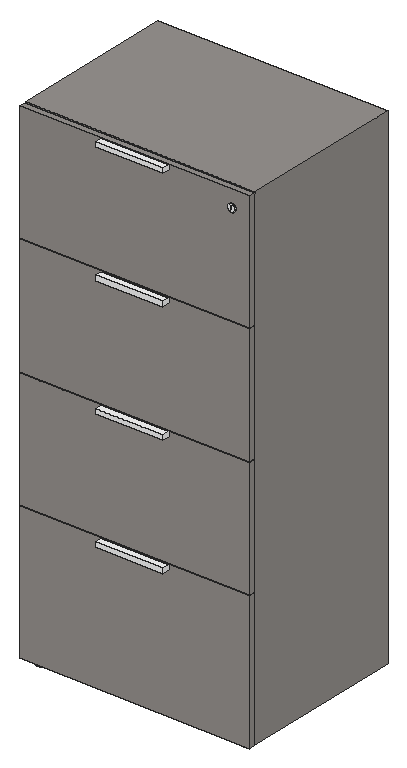
Revit family "Storage-Freestanding-Teknion-BSLFS_Lateral_File-R2019", category Furniture, Revit 2019
Family settings
  OmniClass Number = 23.40.70.14.64.21
  OmniClass Title = Systems Furniture
  Work Plane-Based = No
  Always vertical = Yes
  Cut with Voids When Loaded = No
  Shared = Yes
  Room Calculation Point = No
Parameters (values of type "Four Drawers")
  Width [instance] = 24.000"
  Warranty = "http://www.teknion.com/legal/warranty.pdf"
  Unit Weight URL = "http://www.teknion.com/pricing/expansion-casegoods/pdfs/wv.pdf"
  URL = "http://www.teknion.com/"
  Two Drawers Hole Depth = if(or(Two Drawers, Three Drawers, Four Drawers), 2.701", 0.500")  # 2.701"
  Two Drawers = if(or(Three Drawers, Four Drawers), 1 > 2, 1 < 2)  # no
  To render please download texture images found here [instance] = "https://assets.teknion.com/web/5e81352c1dfdb467/revit-material-swatches/"
  Three Drawers Hole Depth = if(or(Three Drawers, Four Drawers), 2.701", 0.500")  # 2.701"
  Three Drawers = no
  Sustainability Data = "http://www.teknion.com/about-teknion/environment/datasheets.asp"
  Second Drawer from Top = or(Three Drawers, Four Drawers)  # yes
  Pull Finish [instance] = Mica - Teknion - V - Satin - Very White
  Product Page URL = "https://www.teknion.com/ca/products/product-details?productlineid=0053336e-8e7a-673b-a6c8-ff00004460c4"
  Product Line = "Expansion Casegoods"  # constant formula
  Product Documentation Link = "http://www.teknion.com/pricing/expansion-casegoods/pdfs/BSLFS_ppg.pdf"
  Part Number = "BSLFS"  # constant formula
  Model = "BSLFSP18__53"
  Manufacturer Phone = "416-661-3370"
  Manufacturer Fax = "416.661.4586"
  Manufacturer Contact Information = "http://www.teknion.com/contact/contactus.asp"
  Manufacturer Address = "1150 Flint Road, Toronto, ON. M3J 2J5. Canada"
  Manufacturer = "Teknion"  # constant formula
  Lateral File Trim Finish [instance] = Source Laminate - Teknion - DE - Latte
  How to Add Texture Images to your Revit Project [instance] = "https://assets.teknion.com/m/205dd0a49fa58060/original/How-to-add-a-Material-Library-and-Texture-Images-to-your-Revit-project.pdf"
  Four Drawers = yes
  Four Drawer Hole Depth = if(Four Drawers, 2.701", 0.500")  # 2.701"
  For Additional Finishes please visit [instance] = "https://assets.teknion.com/m/44a8009b046e5d47/original/Teknion_Materials_Library.zip"
  Drawer Front Finish [instance] = Source Laminate - Teknion - DE - Latte
  Description = "Lateral File, Pulls, Four Drawers, 18\" Depth, 53\" Height"
  Depth [instance] = 18.000"
  Case Finish [instance] = Source Laminate - Teknion - DE - Latte
  Available Widths [instance] = "24, 30, 36 inches."  # constant formula
  Available Depths [instance] = if(Two Drawers, "18, 24 inches.", "18 inches.")  # "18 inches."
  Assembly Code = "E2020200"
  Actual Height [instance] = if(Two Drawers, 27.441", if(Three Drawers, 39.921", if(Four Drawers, 52.402", 27.441")))  # 52.402"
Types (3): name | Two Drawers | Three Drawers Hole Depth | Three Drawers | Second Drawer from Top | Model | Four Drawers | Four Drawer Hole Depth | Description | Available Depths | Actual Height
  Two Drawers | yes | 0.500" | no | no | "BSLFSP____28" | no | 0.500" | "Lateral File, Pulls, Two Drawers, 28\" Height" | "18, 24 inches." | 27.441"
  Three Drawers | no | 2.701" | yes | yes | "BSLFSP18__40" | no | 0.500" | "Lateral File, Pulls, Three Drawers, 18\" Depth, 40\" Height" | "18 inches." | 39.921"
  Four Drawers | no | 2.701" | no | yes | "BSLFSP18__53" | yes | 2.701" | "Lateral File, Pulls, Four Drawers, 18\" Depth, 53\" Height" | "18 inches." | 52.402"
Reference planes (in)
  plane 1 "Center F/B": y = 0
  plane 2 "Bottom": z = 0
  plane 3 "Center L/R": x = 0
  plane 4 "Left": x = -12
  plane 5 "Right": x = 12
  plane 6 "Back": y = 9
  plane 7 "Front": y = -9
  plane 8 "Top": z = 52.402
  plane 9: z = 0.60236
  plane 10 "Symbolic Representation Plane": z = 80
  plane 11: z = 14.90157
  plane 12: y = -8.299
  plane 13: y = -11
  plane 14: y = -9.05906
  plane 15: z = 27.38189
  plane 16: z = 39.87533
Forms (in)
  Sweep 1, solid, material "Source Laminate - Teknion - DE - Latte" <- "Case Finish"
    path origin (0, 0, 0) x (1, 0, 0) y (0, 0, 1)
      loop
        line (0, 52.402) -> (0, 0.60236)
    profile origin (0, 0, 26.50218) x (0, -1, 0) y (1, 0, 0)
      loop
        line (-9, -12) -> (8.299, -12) -> (8.299, 12) -> (-9, 12) -> (-9, -12)
  Sweep 2, solid, material "Source Laminate - Teknion - DE - Latte" <- "Drawer Front Finish"
    path origin (0, 0, 0) x (1, 0, 0) y (0, 1, 0)
      loop
        line (12, 0) -> (-12, 0)
    profile origin (0, 0, 0) x (0, -1, 0) y (0, 0, 1)
      loop
        line (9, 0.60236) -> (9, 52.28383) -> (8.299, 52.28383) -> (8.299, 0.60236) -> (9, 0.60236)
  Sweep 3, solid, material "Metal - Teknion - C6 - Chrome"
    path origin (0, 0, 0) x (1, 0, 0) y (0, 0, 1)
      loop
        line (0, 0) -> (0, 0.60236)
    profile origin (0, 0, 0.30118) x (-1, 0, 0) y (0, -1, 0)
      loop
        circle (-10.74, -7.74814) r 0.5
      loop
        circle (-10.74, 7.74808) r 0.5
      loop
        circle (10.74, -7.74814) r 0.5
      loop
        circle (10.74, 7.74808) r 0.5
  Sweep 4, solid, material "Mica - Teknion - V - Satin - Very White" <- "Pull Finish"
    path origin (0, 0, 0) x (1, 0, 0) y (0, 1, 0)
      loop
        line (0, -9) -> (0, -9.75)
    profile origin (0, -9.375, 0) x (1, 0, 0) y (0, 0, 1)
      loop
        line (-3.5, 14.82332) -> (-3.5, 14.32283) -> (3.5, 14.32283) -> (3.5, 14.82332) -> (-3.5, 14.82332)
      loop
        line (-3.5, 27.30132) -> (-3.5, 26.80315) -> (3.5, 26.80315) -> (3.5, 27.30132) -> (-3.5, 27.30132)
  Extrusion 5, void
    sketch origin (60, -9, 48) x (-1, 0, 0) y (0, 0, 1)
      loop
        line (72, -33.03937) -> (48, -33.03937) -> (48, -33.15748) -> (72, -33.15748) -> (72, -33.03937)
    from 0.701 to -2
  Extrusion 6, void
    sketch origin (60, -9, 60.48031) x (-1, 0, 0) y (0, 0, 1)
      loop
        line (72, -33.03937) -> (48, -33.03937) -> (48, -33.15748) -> (72, -33.15748) -> (72, -33.03937)
    from 0.701 to -2
  Sweep 7, solid, material "Mica - Teknion - V - Satin - Very White" <- "Pull Finish", visible <- "Second Drawer from Top"
    path origin (0, 0, 12.48) x (1, 0, 0) y (0, 1, 0)
      loop
        line (0, -9) -> (0, -9.75)
    profile origin (0, -9.375, 12.48) x (1, 0, 0) y (0, 0, 1)
      loop
        line (-3.5, 27.30347) -> (-3.5, 26.80529) -> (3.5, 26.80529) -> (3.5, 27.30347) -> (-3.5, 27.30347)
  Extrusion 8, solid, material "Mica - Teknion - V - Satin - Very White" <- "Pull Finish"
    sketch origin (60, -9, 60.48) x (1, 0, 0) y (0, 0, 1)
      loop
        line (-49.89961, -9.74181) -> (-49.89961, -10.11583) -> (-49.80118, -10.11583) -> (-49.80118, -9.74181) -> (-49.89961, -9.74181)
      loop
        circle (-49.85039, -9.92882) r 0.39512
    from 0 to 0.05906
  Sweep 9, solid, material "Mica - Teknion - V - Satin - Very White" <- "Pull Finish", visible <- "Four Drawers"
    path origin (0, 0, 24.96) x (1, 0, 0) y (0, 1, 0)
      loop
        line (0, -9) -> (0, -9.75)
    profile origin (0, -9.375, 24.96) x (1, 0, 0) y (0, 0, 1)
      loop
        line (-3.5, 27.30195) -> (-3.5, 26.80378) -> (3.5, 26.80378) -> (3.5, 27.30195) -> (-3.5, 27.30195)
  Extrusion 10, void
    sketch origin (60, -9, 72.96063) x (-1, 0, 0) y (0, 0, 1)
      loop
        line (72, -33.02625) -> (48, -33.02625) -> (48, -33.14436) -> (72, -33.14436) -> (72, -33.02625)
    from 0.701 to -2
Cuts and joins
  Extrusion 6, Extrusion 10 cuts Sweep 1
  Extrusion 5, Extrusion 6, Extrusion 10 cuts Sweep 2
Lines and regions (in)
  Masking region 1
    outline origin (0, 0, 52.402) x (-1, 0, 0) y (0, -1, 0)
      loop
        line (12, -9) -> (12, 9) -> (-12, 9) -> (-12, -9) -> (12, -9)
  Masking region 2
    outline origin (0, 0, 52.402) x (-1, 0, 0) y (0, -1, 0)
      loop
        line (3.5, 9.75) -> (-3.5, 9.75) -> (-3.5, 9) -> (3.5, 9) -> (3.5, 9.75)
  Masking region 3
    outline origin (0, 0, 0) x (1, 0, 0) y (0, 1, 0)
      loop
        line (10.54473, -9) -> (9.75448, -9) -> (9.75448, -9.05906) -> (10.54473, -9.05906) -> (10.54473, -9)
  symbolic lines
    curve 1: line (12, -8.299, 52.402) -> (-12, -8.299, 52.402)
  symbolic lines, style "Hidden Lines", detail levels fine
    curve 2: arc (-10.24, -7.74808, 0) -> (-10.74, -7.24808, 0) -> (-11.24, -7.74808, 0) r 0.5
    curve 3: arc (-11.24, -7.74808, 0) -> (-10.74, -8.24808, 0) -> (-10.24, -7.74808, 0) r 0.5
    curve 4: arc (-10.24, 7.74814, 0) -> (-10.74, 8.24814, 0) -> (-11.24, 7.74814, 0) r 0.5
    curve 5: arc (-11.24, 7.74814, 0) -> (-10.74, 7.24814, 0) -> (-10.24, 7.74814, 0) r 0.5
    curve 6: arc (11.24, 7.74814, 0) -> (10.74, 8.24814, 0) -> (10.24, 7.74814, 0) r 0.5
    curve 7: arc (10.24, 7.74814, 0) -> (10.74, 7.24814, 0) -> (11.24, 7.74814, 0) r 0.5
    curve 8: arc (11.24, -7.74808, 0) -> (10.74, -7.24808, 0) -> (10.24, -7.74808, 0) r 0.5
    curve 9: arc (10.24, -7.74808, 0) -> (10.74, -8.24808, 0) -> (11.24, -7.74808, 0) r 0.5
  reference lines, not visible
    curve 10: line (-12, 9, 0) -> (12, 9, 0)
    curve 11: line (-12, 9, 0) -> (-12, -9, 0)
    curve 12: line (12, -9, 0) -> (-12, -9, 0)
    curve 13: line (12, 9, 0) -> (12, -9, 0)
Dimensions and locks (in)
  "Actual Height": plane 8 "Top" to level
  equal spacing: plane 4 "Left", plane 3 "Center L/R", plane 5 "Right"
  "Width": plane 4 "Left" to plane 5 "Right"
  equal spacing: plane 6 "Back", plane 1 "Center F/B", plane 7 "Front"
  "Depth": plane 6 "Back" to plane 7 "Front"
  locked: plane 9 to level at 0.60236
  locked: Sweep 1 sketch curve to plane 7 "Front" at 0.701
  locked: Sweep 2 sketch curve to plane 8 "Top" at 0.11817
  locked: plane 6 "Back" to Sweep 3 sketch curve at 1.25186  (x2)
  locked: Sweep 3 sketch curve to plane 5 "Right" at 1.26  (x2)
  locked: plane 4 "Left" to Sweep 3 sketch curve at 1.26  (x2)
  locked: plane 7 "Front" to Sweep 3 sketch curve at 1.25192  (x2)
  Sweep 4 sketch curve to plane 7 "Front" = 0.750"
  locked: Sweep 4 sketch curve to Sweep 4 sketch curve at 7
  equal spacing: Sweep 4 sketch curve, plane 3 "Center L/R", Sweep 4 sketch curve
  locked: Sweep 4 sketch curve to level at 14.32283
  locked: Sweep 4 sketch curve to level at 14.82332
  locked: Sweep 4 sketch curve to level at 26.80315
  locked: Sweep 4 sketch curve to level at 27.30132
  locked: plane 10 "Symbolic Representation Plane" to level at 80
  plane 11 to plane 2 "Bottom" = 14.90157"
  Extrusion 5 sketch curve to plane 11 to Extrusion 5 sketch curve = 0.05906" locked, 0.05906" locked
  locked: plane 12 to plane 7 "Front" at 0.701
  "Two Drawers Hole Depth": Extrusion 5 to plane 13
  locked: plane 7 "Front" to plane 13 at 2
  locked: plane 14 to plane 7 "Front" at 0.05906
  Extrusion 6 sketch curve to plane 15 to Extrusion 6 sketch curve = 0.05906" locked, 0.05906" locked
  locked: plane 15 to level at 27.38189
  "Three Drawers Hole Depth": Extrusion 6 to plane 13
  Sweep 7 sketch curve to Sweep 7 sketch curve to plane 2 "Bottom" = 0.49817" locked, 39.28529" locked
  Sweep 7 sketch curve to plane 3 "Center L/R" to Sweep 7 sketch curve = 3.500" locked, 3.500" locked
  plane 5 "Right" to Extrusion 8 sketch curve to Extrusion 8 sketch curve to Extrusion 8 sketch curve = 1.80118" locked, 0.04921" locked, 0.04921" locked
  Extrusion 8 sketch curve to Extrusion 8 sketch curve to Extrusion 8 sketch curve to plane 8 "Top" = 0.18701" locked, 0.18701" locked, 1.66381" locked
  Sweep 9 sketch curve to plane 3 "Center L/R" to Sweep 9 sketch curve = 3.500" locked, 3.500" locked
  plane 8 "Top" to Sweep 9 sketch curve to Sweep 9 sketch curve = 0.14005" locked, 0.49817" locked
  Extrusion 10 sketch curve to plane 16 to Extrusion 10 sketch curve = 0.05906" locked, 0.05906" locked
  locked: plane 16 to plane 2 "Bottom" at 39.87533
  "Four Drawer Hole Depth": Extrusion 10 to plane 13
  Masking region 3 sketch curve to Masking region 3 sketch curve to plane 5 "Right" = 0.79025" locked, 1.45527" locked
  aligned and locked: level to plane 2 "Bottom"
  aligned and locked: plane 8 "Top" to Sweep 1 sketch curve
  aligned and locked: plane 9 to Sweep 1 sketch curve
  aligned and locked: Sweep 1 sketch curve to plane 3 "Center L/R"
  aligned and locked: plane 6 "Back" to Sweep 1 sketch curve
  aligned and locked: Sweep 1 sketch curve to plane 4 "Left"
  aligned and locked: plane 5 "Right" to Sweep 1 sketch curve
  aligned and locked: Sweep 2 sketch curve to plane 1 "Center F/B"
  aligned and locked: Sweep 2 sketch curve to plane 7 "Front"
  aligned and locked: level to Sweep 3 sketch curve
  aligned and locked: Sweep 3 sketch curve to Sweep 1
  aligned and locked: plane 3 "Center L/R" to Sweep 3 sketch curve
  aligned and locked: Sweep 4 sketch curve to plane 3 "Center L/R"
  aligned and locked: Sweep 4 sketch curve to Sweep 4 sketch curve  (x2)
  aligned and locked: Masking region 1 sketch curve to Sweep 1  (x2)
  aligned and locked: Masking region 1 sketch curve to Sweep 2
  aligned and locked: curve 1 to Sweep 2
  aligned and locked: plane 5 "Right" to curve 1
  aligned and locked: plane 4 "Left" to curve 1
  aligned and locked: plane 4 "Left" to Extrusion 5 sketch curve
  aligned and locked: Extrusion 5 sketch curve to plane 5 "Right"
  aligned and locked: plane 13 to Extrusion 5
  aligned and locked: plane 4 "Left" to Sweep 2 sketch curve
  aligned and locked: plane 5 "Right" to Sweep 2 sketch curve
  aligned and locked: plane 5 "Right" to Extrusion 6 sketch curve
  aligned and locked: Extrusion 6 to plane 13
  aligned and locked: Extrusion 10 sketch curve to plane 5 "Right"
  aligned and locked: plane 4 "Left" to Extrusion 10 sketch curve
  aligned and locked: plane 4 "Left" to Extrusion 6 sketch curve
  aligned and locked: Extrusion 10 to plane 13
  aligned and locked: curve 2 to Sweep 3
  aligned and locked: curve 3 to Sweep 3
  aligned and locked: curve 4 to Sweep 3
  aligned and locked: curve 5 to Sweep 3
  aligned and locked: curve 6 to Sweep 3
  aligned and locked: curve 7 to Sweep 3
  aligned and locked: curve 8 to Sweep 3
  aligned and locked: curve 9 to Sweep 3
  aligned and locked: plane 14 to Extrusion 8
  aligned and locked: Extrusion 8 to plane 7 "Front"
  aligned and locked: curve 10 to plane 6 "Back"
  aligned and locked: curve 11 to plane 4 "Left"
  aligned and locked: curve 12 to plane 7 "Front"
  aligned and locked: curve 13 to plane 5 "Right"
  aligned and locked: Masking region 3 sketch curve to Extrusion 8  (x2)
  aligned and locked: plane 9 to Sweep 2 sketch curve
Automatic sketch dimensions
  Sweep 2 sketch curve to Sweep 2 sketch curve = 0.701"
  plane 7 "Front" to Sweep 4 sketch curve = 0.000"
  plane 7 "Front" to Masking region 1 sketch curve = 0.000"
  plane 7 "Front" to Masking region 2 sketch curve = 0.000"
  plane 14 to Masking region 2 sketch curve = 0.69094"
  plane 3 "Center L/R" to Masking region 2 sketch curve = 3.500"
  Masking region 2 sketch curve to plane 3 "Center L/R" = 3.500"
  Sweep 7 sketch curve to plane 3 "Center L/R" = 0.000"
  plane 7 "Front" to Sweep 7 sketch curve = 0.000"
  plane 14 to Sweep 7 sketch curve = 0.69094"
  Sweep 9 sketch curve to plane 3 "Center L/R" = 0.000"
  plane 7 "Front" to Sweep 9 sketch curve = 0.000"
  plane 14 to Sweep 9 sketch curve = 0.69094"
  radius of Sweep 3 sketch curve = 0.500"  (x4)
  radius of Extrusion 8 sketch curve = 0.39512"
